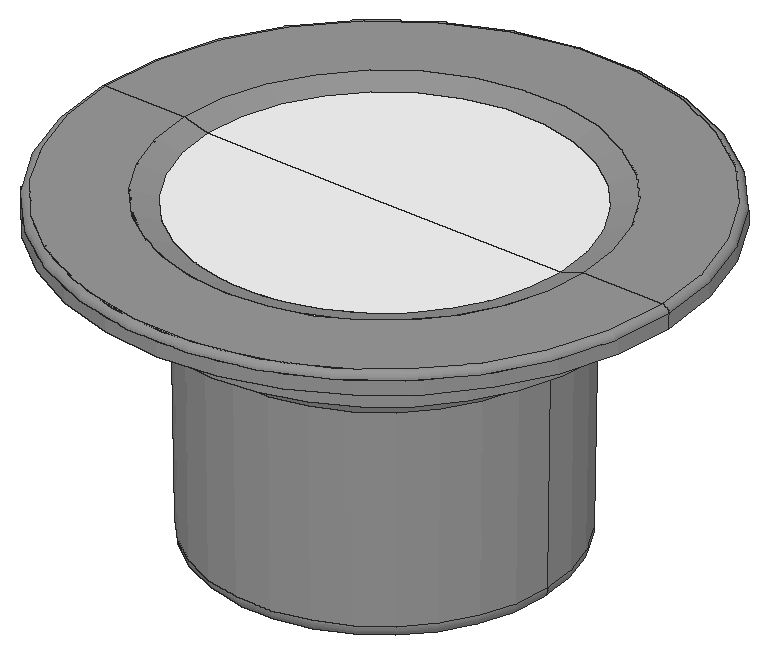
Revit family "0005253", category Lighting Fixtures, host Face, Revit 2017
Family settings
  Host = Face
  Round Connector Dimension = Use Diameter
  Part Type = Normal
  OmniClass Number = 23.80.70.00
  OmniClass Title = Lighting
  Cut with Voids When Loaded = No
  Light Source = Yes
  Shared = No
  Room Calculation Point = No
Parameters (values of type "0005253 YH SPT 450LM 3-CCT DIM IP44 WH 3PK 2700K")
  Weight = "4.32 kg"
  Wattage Comments = ""
  Wattage = 6 W
  WarrantyStartDate [instance] = "n/a"
  WarrantyGuarantorParts = "n/a"
  WarrantyDurationUnit = "n/a"
  WarrantyDurationParts = "n/a"
  WarrantyDescription = "n/a"
  built-in parameter 1150110 = 1 (stored number, unit not read)
  Voltage = 0 V
  URL = "http://www.sylvania-lighting.com"
  TypeName = "YOURHOME SPOT 450LM 3-CCT DIM IP44 WH 3-PACK"
  Type Image = <None>
  Type Comments = "n/a"
  built-in parameter 1114217 = 1 (stored number, unit not read)
  Tilt Angle = -90.00°
  built-in parameter 1150109 = 1 (stored number, unit not read)
  built-in parameter 1150134 = 12
  built-in parameter 1150113 = 1 (stored number, unit not read)
  SerialNumber [instance] = "n/a"
  Photometric Web File = "0005251_2700.ies"
  Material_3_SYL = none
  PowerFactor = 0.8
  PowerConsumption = "6 W"
  NominalLength = 87 mm
  NominalHeight = 47 mm
  NominalDepth = 87 mm
  Name = "YOURHOME SPOT 450LM 3-CCT DIM IP44 WH 3-PACK"
  ModelReference = Name  # "YOURHOME SPOT 450LM 3-CCT DIM IP44 WH 3-PACK"
  ModelNumber = "0005253"
  Model = Name  # "YOURHOME SPOT 450LM 3-CCT DIM IP44 WH 3-PACK"
  Material = "abs plastic housing, pc polycarbonate diffuser"
  ManufacturerName = "Feilo Sylvania"
  Manufacturer = "Feilo Sylvania"
  LuminousEfficacy = "75 lm/W"
  built-in parameter 1150105 = 414.09 (stored number, unit not read)
  Lumens = 450 lm
  LuminaireType = ""
  built-in parameter 1150115 = 1 (stored number, unit not read)
  LightOutputRatio = "n/a"
  built-in parameter 1150137 = (empty or 0)
  built-in parameter 1150139 = (empty or 0)
  LampsType = Lamp  # "LED"
  LampNominalLuminous = "450 lm"
  LampMacAdamStep = "6"
  LampColourTemperature = "2700 K"
  LampColourRenderingIndex = "80"
  built-in parameter 1150112 = 1 (stored number, unit not read)
  built-in parameter 1150114 = 1 (stored number, unit not read)
  Lamp = "LED"
  Keynote = "16500"
  InstallationDate [instance] = "n/a"
  InputVoltage = "n/a"
  InputNominalFrequency = "n/a"
  built-in parameter 1150132 = (empty or 0)
  built-in parameter 1150102 = (empty or 0)
  built-in parameter 1150107 = 4000 (stored number, unit not read)
  built-in parameter 1150138 = (empty or 0)
  IngressProtection = "IP44/20"
  ImpactProtectionIndex = "IK03"
  built-in parameter 1150106 = 4.1409 (stored number, unit not read)
  IfcExportType = "IfcLightFixtureType"
  IfcExportAs = "IfcLightFixtureType"
  Emit from Circle Diameter = 54 mm
  Emit Shape Visible in Rendering = no
  ElectricShockClassification = "Class II"
  built-in parameter 1150104 = 6.9677 (stored number, unit not read)
  DocumentationLiterature = "http://www.sylvania-lighting.com/product/en-int/products/0005253"
  DimmingControlOptions = "n/a"
  Material_2_SYL = Diffuser-Sylvania
  Dimming Lamp Color Temperature Shift = <None>
  Description = "Integrated LED recessed spotlight, vertical tilt 30°, RAL9016 colour, 450lm, 6.0W, phase dimmable, 2700K/3000K/4000K, 38° degree beam angle, ABS plastic white body, low profile 47mm recessed depth, IP44 from the front, IK03, loop-in/loop-out terminals for fast wiring, 87mm bezel diameter, 68-74mm cutout, clear lens. Additional silver bezel included in the packaging. Lifetime: 30.000 hours at L70. Energy Class: A++, A+, A. Pack of 3 fixtures."
  Default Elevation = 1219.2 mm
  CreatedOn = "2/26/2021"
  CreatedBy = "@sylvania-lighting.com"
  Cost = 0
  Color Filter = 16777215
  built-in parameter 1114216 [instance] = (empty or 0)
  ClassificationValue = "EF_70_80"
  ClassificationName = "Uniclass2015"
  Material_1_SYL = Plastic, Opaque White
  BarCode [instance] = "n/a"
  built-in parameter 1114218 = 1 (stored number, unit not read)
  built-in parameter 1150133 = 10 (stored number, unit not read)
  AssetType = "Fixed"
  AssetIdentifier [instance] = "n/a"
  Assembly Code = "D5020200"
  Apparent Load = 6 VA
  Material_4_SYL = none
Types (3, lengths in mm): name | Photometric Web File | LampColourTemperature
  0005253 YH SPT 450LM 3-CCT DIM IP44 WH 3PK 4000K | "0005251_4000.ies" | "4000 K"
  0005253 YH SPT 450LM 3-CCT DIM IP44 WH 3PK 3000K | "0005251_3000.ies" | "3000 K"
  0005253 YH SPT 450LM 3-CCT DIM IP44 WH 3PK 2700K | "0005251_2700.ies" | "2700 K"
Reference planes
  plane 1 "Center (Front/Back)": y = 0
  plane 2: z = 0
  plane 3 "Center (Left/Right)": x = 0
  plane 4: x = -35
  plane 5: z = -100
  plane 6: z = 3
  plane 7: x = -43.5
  plane 8: z = 2
  plane 9: x = -42.5
  plane 10: x = -30.5
  plane 11: x = -27
  plane 12: x = -33
  plane 13: z = -7.5
  plane 14: z = -9.5
  plane 15: x = -25.5
  plane 16: z = -12.5
  plane 17: z = -44
  plane 18: x = -25
Forms (mm)
  Revolve 1, void
    sketch origin (0, 0, 0) x (1, 0, 0) y (0, 0, 1)
      loop
        line (0, 0) -> (-35, 0) -> (-35, -100) -> (0, -100) -> (0, 0)
      axis (0, 0) -> (0, -100)
    angle from 360 to 0
  Revolve 2, solid, material "Plastic, Opaque White" <- "Material_1_SYL"
    sketch origin (0, 0, 0) x (1, 0, 0) y (0, 0, 1)
      loop
        line (0, 2) -> (-27, 2) -> (-30.5, 3) -> (-42.5, 3)
        arc (-42.5, 3) -> (-43.207, 2.707) -> (-43.5, 2) r 1
        line (-43.5, 2) -> (-43.5, 0) -> (-33, 0) -> (-33, -7.5) -> (-27, -7.5) -> (-27, -9.5) -> (-25.5, -12.5) -> (-25.031, -42.032)
        arc (-25.031, -42.032) -> (-24.434, -43.425) -> (-23.031, -44) r 2
        line (-23.031, -44) -> (0, -44) -> (0, 2)
      axis (0, 3) -> (0, -44)
    angle from 360 to 0
Lines and regions (mm)
  reference lines
    curve 1: line (-25, 0, -44) -> (-25.5, 0, -12.5)
Dimensions and locks
  locked: plane 3 "Center (Left/Right)" to plane 4 at 35
  locked: plane 2 to plane 5 at 100
  locked: plane 6 to plane 2 at 3
  locked: plane 3 "Center (Left/Right)" to plane 7 at 43.5
  locked: plane 6 to plane 8 at 1
  locked: plane 9 to plane 7 at 1
  locked: plane 3 "Center (Left/Right)" to plane 10 at 30.5
  locked: plane 3 "Center (Left/Right)" to plane 11 at 27
  locked: plane 3 "Center (Left/Right)" to plane 12 at 33
  locked: plane 2 to plane 13 at 7.5
  locked: plane 13 to plane 14 at 2
  locked: plane 3 "Center (Left/Right)" to plane 15 at 25.5
  locked: plane 14 to plane 16 at 3
  locked: plane 6 to plane 17 at 47
  locked: plane 3 "Center (Left/Right)" to plane 18 at 25
  aligned and locked: plane 2 to host face
  aligned and locked: level to host face
  aligned and locked: Revolve 1 sketch curve to plane 3 "Center (Left/Right)"
  aligned and locked: level to Revolve 1 sketch curve
  aligned and locked: plane 3 "Center (Left/Right)" to Revolve 1 sketch curve
  aligned and locked: Revolve 1 sketch curve to plane 4
  aligned and locked: plane 5 to Revolve 1 sketch curve
  aligned and locked: plane 3 "Center (Left/Right)" to Revolve 2 sketch curve  (x2)
  aligned and locked: Revolve 2 sketch curve to plane 8
  aligned and locked: plane 6 to Revolve 2 sketch curve
  aligned and locked: Revolve 2 sketch curve to plane 6
  aligned and locked: level to Revolve 2 sketch curve
  aligned and locked: Revolve 2 sketch curve to plane 7
  aligned and locked: plane 12 to Revolve 2 sketch curve
  aligned and locked: Revolve 2 sketch curve to level
  aligned and locked: Revolve 2 sketch curve to plane 12
  aligned and locked: plane 13 to Revolve 2 sketch curve
  aligned and locked: plane 9 to Revolve 2 sketch curve
  aligned and locked: plane 8 to Revolve 2 sketch curve
  aligned and locked: plane 14 to Revolve 2 sketch curve
  aligned and locked: Revolve 2 sketch curve to plane 11
  aligned and locked: plane 15 to Revolve 2 sketch curve
  aligned and locked: plane 17 to Revolve 2 sketch curve
  aligned and locked: plane 18 to curve 1
  aligned and locked: plane 17 to curve 1
  aligned and locked: plane 16 to curve 1
  aligned and locked: plane 15 to curve 1
  aligned and locked: Revolve 2 sketch curve to curve 1
  aligned and locked: plane 3 "Center (Left/Right)" to imposter light
  aligned and locked: imposter light to plane 8
  aligned and locked: imposter light to plane 1 "Center (Front/Back)"
Connectors
  electrical at (0, 0, 0), driven by "Apparent Load", driven by "PowerFactor", driven by "Voltage"
    settings: index 1, voltage 0 V, apparent load 6 VA, apparent load phase1 0 VA, apparent load phase2 0 VA, apparent load phase3 0 VA, power factor 0.8, load classification "Lighting", number of poles 1, system type 30, power factor state 1, is connector primary yes, connector utility no, sub classification motor no, connector description ""
